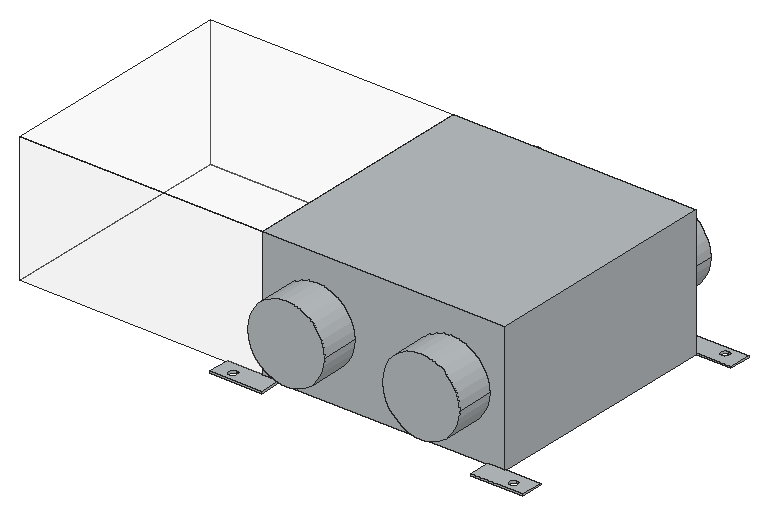
Revit family "bfs-30_80wsu2_60Hz", category 機械設備, Revit 2019
Family settings
  丸型コネクタ寸法 = 直径を使用
  パーツ タイプ = 割り込み
  OmniClass 番号 = 23.75.35.17.27
  OmniClass タイトル = Centrifugal Fans
  作業面ベース = いいえ
  常に垂直 = はい
  ロード時にボイドで切り取り = いいえ
  共有 = いいえ
  部屋計算ポイント = はい
Parameters (values of type "BFS-30WSU2")
  騒音レベル(dB(A))_吸込 = 32.5
  騒音レベル(dB(A))_吐出 = 35
  騒音レベル(dB(A))_側面 = 28
  騒音レベル(dB(A)) = 35
  風量 [instance] = 設計風量  # 0.0 m³/h
  電源種別 [instance] = "一般"
  電圧 = 100 V
  電動機出力 = 30 W
  電動機_種別 [instance] = ""
  運転質量 = 0.00 kg
  連動 [instance] = ""
  質量 = if(製品質量 > 運転質量, 製品質量, 運転質量) * 1.2  # 18.60 kg
  負荷分類 = 3_ファン類
  説明 = "ストレートシロッコファン同時給排気タイプ消音形"
  設計風量 [instance] = 0.0 m³/h
  設置方法 = "天吊"
  記号 [instance] = ""
  製造元 = "三菱電機株式会社"
  製品質量 = 15.50 kg
  製品出荷対象 = "国内"
  製品リリース年月 = "2022年6月1日"
  製品グループ = ""
  系統 [instance] = ""
  符号 [instance] = if(☑給気／□排気, "FS", "FE")  # "FE"
  積算_科目 = "2 換気設備"
  積算_拾い区分 [instance] = ""
  相 = 1
  盤記号 [instance] = ""
  盤工事区分 = "電気工事"
  発停方法 [instance] = "別売スイッチ"
  番手 = "#1"
  特殊仕様 [instance] = ""
  火災停止 = ""
  消費電力 = 84 W
  法定耐用年数 = "15"
  機外静圧 [instance] = 0.0 Pa
  極数 = 2
  極 = 4
  材質 [instance] = ""
  本体マテリアル = 溶融亜鉛めっき鋼板
  操作・制御方式 = ""
  操作・制御スイッチ = ""
  排気量 [instance] = if(☑給気／□排気, 0.0 m³/h, 設計風量)  # 0.0 m³/h
  形式 = ""
  形名 = BFS-WSU : BFS-30WSU
  幹線記号 [instance] = ""
  対象室 [instance] = ""
  実風量 = 0.0 m³/h
  始動方式 [instance] = "直入"
  外気量 [instance] = if(☑給気／□排気, 設計風量, 0.0 m³/h)  # 0.0 m³/h
  呼称 = "消音ボックス付送風機"
  周波数 = 60 Hz
  天吊金具ピッチ幅 = 520 mm
  天吊金具ピッチ奥行 = 490 mm
  参照している仕様書等のバージョン = ""
  分類コード = "50052502100020"
  分類グループ = ""
  価格 = 146000
  企業コード = "108420"
  付属品_防振装置 = ""
  付属品 [instance] = ""
  仕様書バージョン = "Version1.0"
  モデル = "BFS-30WSU2"
  ファンの種類 = "多翼形"
  ダクト径 = 150 mm
  サービススペース = yes
  コメント [instance] = ""
  Keynote = ""
  ☑給気／□排気 [instance] = no
  Width = 448 mm
  Version = ""
  Uniclass2015Version = "Systems v1.9"
  Uniclass2015Title = "Centrifugal fans"
  Uniclass2015Code = "Pr_65_67_29_12"
  URL = "https://www.mitsubishielectric.co.jp/ldg/wink/ssl/displayProduct.do?pid=319100"
  SpecificationReference = ""
  SpecificationDescription = ""
  Revision = ""
  ProductInformation = ""
  OmniClassCode = "23-33 31 19 13 15"
  MIN風量 = 182.0 m³/h
  MIN静圧 = 15.0 Pa
  MID風量 = 0.0 m³/h
  MID静圧 = 0.0 Pa
  MAX風量 = 300.0 m³/h
  MAX静圧 = 39.0 Pa
  M = 70 mm
  IfcTypeProduct = ""
  IfcProduct = ""
  IfcExportType = "CENTRIFUGALFORWARDCURVED"
  IfcExportAs = "IfcFanType"
  Height = 240 mm
  Depth = 442 mm
  Clearance Top = 0 mm  # constant formula
  Clearance Right = 0 mm  # constant formula
  Clearance Left = 450 mm  # constant formula
  Clearance Front = 0 mm  # constant formula
  Clearance Bottom = 0 mm  # constant formula
  Clearance Back = 0 mm  # constant formula
  Author = "三菱電機株式会社"
Types (3, lengths in mm): name | 騒音レベル(dB(A))_吸込 | 騒音レベル(dB(A))_吐出 | 騒音レベル(dB(A))_側面 | 騒音レベル(dB(A)) | 電動機出力 | 質量 | 製品質量 | 番手 | 消費電力 | 形名 | 天吊金具ピッチ幅 | 天吊金具ピッチ奥行 | 価格 | モデル | ダクト径 | Width | URL | MIN風量 | MIN静圧 | MAX風量 | MAX静圧 | M | Height | Depth
  BFS-30WSU2 | 32.5 | 35 | 28 | 35 | 30 W | 18.60 kg | 15.50 kg | "#1" | 84 W | BFS-WSU : BFS-30WSU | 520 | 490 | 146000 | "BFS-30WSU2" | 150 | 448 | "https://www.mitsubishielectric.co.jp/ldg/wink/ssl/displayProduct.do?pid=319100" | 182.0 m³/h | 15.0 Pa | 300.0 m³/h | 39.0 Pa | 70 | 240 | 442
  BFS-50WSU2 | 35.5 | 39 | 32.5 | 39 | 90 W | 36.00 kg | 30.00 kg | "#1 1/4" | 204 W | BFS-WSU : BFS-50WSU | 720 | 570 | 245000 | "BFS-50WSU2" | 200 | 649 | "https://www.mitsubishielectric.co.jp/ldg/wink/ssl/displayProduct.do?pid=319115" | 380.0 m³/h | 98.0 Pa | 500.0 m³/h | 157.0 Pa | 85 | 270 | 522
  BFS-80WSU2 | 36 | 42 | 36.5 | 42 | 200 W | 51.60 kg | 43.00 kg | "#1 1/4" | 316 W | BFS-WSU : BFS-80WSU | 850 | 645 | 320000 | "BFS-80WSU2" | 200 | 779 | "https://www.mitsubishielectric.co.jp/ldg/wink/ssl/displayProduct.do?pid=318808" | 596.0 m³/h | 84.0 Pa | 800.0 m³/h | 157.0 Pa | 85 | 320 | 597
Reference planes
  plane 1 "中心(正面/背面)": y = 0
  plane 2: z = 0
  plane 3 "中心(左/右)": x = 0
  plane 4 "4": x = 0
  plane 5 "3": x = 0
  plane 6 "左": x = -224
  plane 7 "右": x = 224
  plane 8 "背面": y = 221
  plane 9 "正面": y = -221
  plane 10: z = 120
  plane 11: y = 245
  plane 12: y = -245
  plane 13: x = 260
  plane 14: x = -260
  plane 15: z = -120
  plane 16: y = 221
  plane 17: y = -221
  plane 18: x = 224
  plane 19: x = -674
  plane 20: z = 120
  plane 21: z = -120
Lines and regions (mm)
  Masking region 1, detail levels coarse+medium
    outline origin (-422.444, -815.736, 0) x (1, 0, 0) y (0, 1, 0)
      loop
        line (198.444, 594.736) -> (646.444, 594.736) -> (646.444, 1036.736) -> (198.444, 1036.736) -> (198.444, 594.736)
  symbolic lines, detail levels coarse+medium
    curve 1: line (-224, 221, 0) -> (224, 0, 0)
    curve 2: line (224, 0, 0) -> (-224, -221, 0)
Dimensions and locks
  equal spacing: plane 6 "左", plane 5 "3", plane 7 "右"
  "Width": plane 6 "左" to plane 7 "右"
  equal spacing: plane 9 "正面", plane 1 "中心(正面/背面)", plane 8 "背面"
  "Depth": plane 9 "正面" to plane 8 "背面"
  equal spacing: plane 10, level, plane 15
  "Height": plane 10 to plane 15
  equal spacing: plane 12, plane 1 "中心(正面/背面)", plane 11
  "天吊金具ピッチ奥行": plane 12 to plane 11
  equal spacing: plane 14, plane 5 "3", plane 13
  "天吊金具ピッチ幅": plane 14 to plane 13
  "Clearance Back": plane 8 "背面" to plane 16
  "Clearance Front": plane 17 to plane 9 "正面"
  "Clearance Left": plane 19 to plane 6 "左"
  "Clearance Right": plane 7 "右" to plane 18
  "Clearance Top": plane 20 to plane 10
  "Clearance Bottom": plane 15 to plane 21
  aligned and locked: level to plane 2
  aligned and locked: nested 1 to plane 11
  aligned and locked: plane 12 to nested 1
  aligned and locked: plane 14 to nested 1
  aligned and locked: plane 13 to nested 1
  aligned and locked: plane 10 to nested 2
  aligned and locked: plane 19 to nested 3
  aligned and locked: plane 17 to nested 3
  aligned and locked: plane 20 to nested 3
  aligned and locked: plane 21 to nested 3
  aligned and locked: plane 16 to nested 3
  aligned and locked: plane 6 "左" to nested 3
  aligned and locked: plane 1 "中心(正面/背面)" to nested 2
  aligned and locked: nested 2 to plane 5 "3"
  aligned and locked: plane 7 "右" to Masking region 1
  aligned and locked: Masking region 1 to plane 6 "左"
  aligned and locked: Masking region 1 to plane 8 "背面"
  aligned and locked: plane 9 "正面" to Masking region 1
Automatic sketch dimensions
  Masking region 1 sketch curve to plane 1 "中心(正面/背面)" = 221 mm
  plane 14 to Masking region 1 sketch curve = 36 mm
  plane 3 "中心(左/右)" to Masking region 1 sketch curve = 224 mm
  Masking region 1 sketch curve to plane 12 = 24 mm
  curve 2 to plane 6 "左" = 0 mm
  curve 1 to plane 6 "左" = 0 mm
  plane 1 "中心(正面/背面)" to curve 2 = 0 mm
  curve 1 to plane 7 "右" = 0 mm
  plane 9 "正面" to curve 2 = 0 mm
  plane 8 "背面" to curve 1 = 0 mm
Nested families
  nested 1: "固定点" at (-260, -245, 0), type "固定点"
    with W 520 mm, D 490 mm, 中心円 15 mm
  nested 2: "BFS-WSU" at (0, 0, -120) x (0, -1, 0) z (0, 0, 1), type <- "形名", type "BFS-30WSU"
  nested 3: "サービススペース" at (-449, 0, 0), visible <- "サービススペース", type "サービススペース"
    with Width 450 mm, Height 240 mm, Depth 442 mm
Connectors
  hvac at (-125, -291, 0), driven by "ダクト径", driven by "機外静圧", driven by "風量"
    settings: on nested 2, index 2, duct flow 0.0 m³/h, flow factor 0, pres drop 0.0 Pa, loss coef 0, conn angle 0.00°, conn width 304.8 mm, conn height 304.8 mm, conn diameter 150 mm, duct sys type 29, conn prof type 0, flow config 0, flow direction 2, loss method 4, conn ref index -1, conn util no, is conn primary yes, conn desc "Out"
  hvac at (125, -291, 0), driven by "ダクト径", driven by "機外静圧", driven by "風量"
    settings: on nested 2, index 3, duct flow 0.0 m³/h, flow factor 0, pres drop 0.0 Pa, loss coef 0, conn angle 0.00°, conn width 304.8 mm, conn height 304.8 mm, conn diameter 150 mm, duct sys type 29, conn prof type 0, flow config 0, flow direction 1, loss method 4, conn ref index -1, conn util no, is conn primary no, conn desc "In"
  hvac at (125, 291, 0), driven by "ダクト径", driven by "機外静圧", driven by "風量"
    settings: on nested 2, index 4, duct flow 0.0 m³/h, flow factor 0, pres drop 0.0 Pa, loss coef 0, conn angle 0.00°, conn width 304.8 mm, conn height 304.8 mm, conn diameter 150 mm, duct sys type 29, conn prof type 0, flow config 0, flow direction 2, loss method 4, conn ref index -1, conn util no, is conn primary no, conn desc "Out"
  hvac at (-125, 291, 0), driven by "ダクト径", driven by "機外静圧", driven by "風量"
    settings: on nested 2, index 5, duct flow 0.0 m³/h, flow factor 0, pres drop 0.0 Pa, loss coef 0, conn angle 0.00°, conn width 304.8 mm, conn height 304.8 mm, conn diameter 150 mm, duct sys type 29, conn prof type 0, flow config 0, flow direction 1, loss method 4, conn ref index -1, conn util no, is conn primary no, conn desc "In"
  electrical at (-224, 0, 0), driven by "極数", driven by "負荷分類", driven by "電圧", driven by "消費電力"
    settings: on nested 2, index 6, voltage 100 V, apparent load 84 VA, apparent load phase1 0 VA, apparent load phase2 0 VA, apparent load phase3 0 VA, power factor 1, load classification "3_ファン類", number of poles 2, system type 30, power factor state 1, is connector primary yes, connector utility no, sub classification motor no, connector description ""
Definition of nested family "BFS-WSU"
  Parameters (values of type "BFS-30WSU")
    吊りボルト-W2 = 0 mm
    吊りボルト-W1 = 490 mm
    吊りボルト-D2 = 580 mm
    吊りボルト-D1 = 520 mm
    マテリアル = none
    ダクト間 = 250 mm
    φ = 142 mm
    kb_z = 25 mm
    b = 234 mm
    a = 70 mm
    W = 442 mm
    H = 240 mm
    c = 200 mm
    D = 448 mm
  Types (3, lengths in mm): name | 吊りボルト-W1 | 吊りボルト-D2 | 吊りボルト-D1 | ダクト間 | φ | b | a | W | H | c | D
    BFS-30WSU | 490 | 580 | 520 | 250 | 142 | 234 | 70 | 442 | 240 | 200 | 448
    BFS-80WSU | 645 | 910 | 850 | 400 | 192 | 391 | 85 | 597 | 320 | 300 | 779
    BFS-50WSU | 570 | 780 | 720 | 311 | 192 | 291 | 85 | 522 | 270 | 200 | 649
  Reference planes
    plane 1 "中心(正面/背面)": y = 0
    plane 2: z = 0
    plane 3 "中心(左/右)": x = 0
    plane 4: y = 224
    plane 5: y = 260
    plane 6: y = 290
    plane 7: y = -224
    plane 8: y = -260
    plane 9: y = -290
    plane 10: x = -221
    plane 11: x = -224
    plane 12: x = 221
    plane 13: x = 224
    plane 14: z = 240
    plane 15: z = 600
    plane 16: z = 900
    plane 17: z = 1200
    plane 18: x = -213
    plane 19: x = 21
    plane 20: x = 291
    plane 21: x = -291
    plane 22: z = 120
    plane 23: y = -227
    plane 24: z = 125
    plane 25: z = 25
    plane 26: z = 3
    plane 27: y = 125
    plane 28: y = -125
    plane 29: x = -261
    plane 30: x = 261
    plane 31: x = -245
    plane 32: x = 245
    plane 33: z = 40
    plane 34: y = 194
    plane 35: y = -194
  Forms (mm)
    Extrusion 1, solid, material <- "マテリアル", detail levels fine
      sketch origin (0, 0, 0) x (1, 0, 0) y (0, 1, 0)
        loop
          line (-221, 224) -> (-221, -224) -> (221, -224) -> (221, 224) -> (-221, 224)
      from 0 to 240
    Extrusion 2, solid, material <- "マテリアル", detail levels fine
      sketch origin (0, 0, 0) x (0, 1, 0) y (0, 0, 1)
        loop
          circle (-125, 120) r 71
        loop
          circle (125, 120) r 71
      from -221 to -291
    Extrusion 3, solid, material <- "マテリアル", detail levels fine
      sketch origin (0, 0, 0) x (0, 1, 0) y (0, 0, -1)
        loop
          circle (-125, -120) r 71
        loop
          circle (125, -120) r 71
      from -221 to -291
    Extrusion 4, solid, material <- "マテリアル", detail levels fine
      sketch origin (0, 0, 0) x (1, 0, 0) y (0, 1, 0)
        loop
          line (-261, 290) -> (-261, 194) -> (-221, 194) -> (-221, 290) -> (-261, 290)
        loop
          circle (-245, 260) r 7.5
        loop
          line (261, 290) -> (221, 290) -> (221, 194) -> (261, 194) -> (261, 290)
        loop
          circle (245, 260) r 7.5
        loop
          line (-261, -290) -> (-221, -290) -> (-221, -194) -> (-261, -194) -> (-261, -290)
        loop
          circle (-245, -260) r 7.5
        loop
          line (261, -290) -> (261, -194) -> (221, -194) -> (221, -290) -> (261, -290)
        loop
          circle (245, -260) r 7.5
      from 0 to 3
  Dimensions and locks
    plane 11 to plane 13 = 448 mm
    "W": plane 10 to plane 12
    "吊りボルト-D2": plane 9 to plane 6
    "吊りボルト-D1": plane 8 to plane 5
    "D": plane 7 to plane 4
    equal spacing: plane 7, plane 1 "中心(正面/背面)", plane 4
    equal spacing: plane 10, plane 3 "中心(左/右)", plane 12
    "H": plane 14 to level
    locked: plane 12 to plane 13 at 3
    locked: plane 11 to plane 10 at 3
    equal spacing: plane 14, plane 22, level
    locked: plane 23 to plane 7 at 3
    "a": plane 21 to plane 10
    "a": plane 12 to plane 20
    "c": plane 12 to plane 19
    "b": plane 19 to plane 18
    locked: plane 24 to plane 25 at 100
    "kb_z": plane 25 to level
    equal spacing: plane 8, plane 1 "中心(正面/背面)", plane 5
    equal spacing: plane 9, plane 1 "中心(正面/背面)", plane 6
    locked: plane 26 to level at 3
    equal spacing: plane 28, plane 1 "中心(正面/背面)", plane 27
    "ダクト間": plane 28 to plane 27
    locked: plane 12 to plane 30 at 40
    locked: plane 29 to plane 10 at 40
    equal spacing: plane 31, plane 3 "中心(左/右)", plane 32
    "吊りボルト-W1": plane 31 to plane 32
    locked: plane 33 to level at 40
    locked: plane 7 to plane 35 at 30
    locked: plane 34 to plane 4 at 30
    plane 29 to plane 30 = 522 mm
    plane 21 to plane 20 = 582 mm
    "φ": diameter of Extrusion 2 sketch curve  (x2)
    "φ": diameter of Extrusion 3 sketch curve  (x2)
    aligned and locked: level to plane 2
    aligned and locked: plane 4 to Extrusion 1 sketch curve
    aligned and locked: plane 10 to Extrusion 1 sketch curve
    aligned and locked: Extrusion 1 sketch curve to plane 7
    aligned and locked: Extrusion 1 sketch curve to plane 12
    aligned and locked: plane 14 to Extrusion 1
    aligned and locked: plane 22 to Extrusion 2 sketch curve  (x2)
    aligned and locked: Extrusion 2 to plane 21
    aligned and locked: plane 20 to Extrusion 3
    aligned and locked: plane 28 to Extrusion 3 sketch curve
    aligned and locked: plane 22 to Extrusion 3 sketch curve  (x2)
    aligned and locked: plane 28 to Extrusion 2 sketch curve
    aligned and locked: plane 27 to Extrusion 3 sketch curve
    aligned and locked: plane 27 to Extrusion 2 sketch curve
    aligned and locked: plane 6 to Extrusion 4 sketch curve
    aligned and locked: plane 29 to Extrusion 4 sketch curve
    aligned and locked: Extrusion 4 sketch curve to plane 34
    aligned and locked: Extrusion 4 sketch curve to plane 10
    aligned and locked: plane 5 to Extrusion 4 sketch curve  (x2)
    aligned and locked: plane 31 to Extrusion 4 sketch curve  (x2)
    aligned and locked: Extrusion 4 sketch curve to plane 6
    aligned and locked: plane 34 to Extrusion 4 sketch curve
    aligned and locked: plane 30 to Extrusion 4 sketch curve
    aligned and locked: Extrusion 4 sketch curve to plane 12
    aligned and locked: plane 32 to Extrusion 4 sketch curve  (x2)
    aligned and locked: plane 8 to Extrusion 4 sketch curve  (x2)
    aligned and locked: Extrusion 4 sketch curve to plane 9
    aligned and locked: plane 35 to Extrusion 4 sketch curve
    aligned and locked: Extrusion 4 sketch curve to plane 30
    aligned and locked: plane 12 to Extrusion 4 sketch curve
    aligned and locked: plane 9 to Extrusion 4 sketch curve
    aligned and locked: Extrusion 4 sketch curve to plane 35
    aligned and locked: Extrusion 4 sketch curve to plane 29
    aligned and locked: plane 10 to Extrusion 4 sketch curve
    aligned and locked: Extrusion 4 to level
    aligned and locked: plane 26 to Extrusion 4
    aligned and locked: Extrusion 3 to plane 12
    aligned and locked: plane 10 to Extrusion 2
    aligned and locked: Extrusion 3 to Extrusion 1
  Automatic sketch dimensions
    radius of Extrusion 4 sketch curve = 7.5 mm  (x4)
Definition of nested family "サービススペース"
  Parameters (values of type "サービススペース")
    Width [instance] = 500 mm
    Height [instance] = 500 mm
    Depth [instance] = 500 mm
  Reference planes
    plane 1 "中心(正面/背面)": y = 0
    plane 2: z = 0
    plane 3 "中心(左/右)": x = 0
    plane 4: y = -250
    plane 5: x = 250
    plane 6: y = 250
    plane 7: x = -250
    plane 8: z = 250
    plane 9: z = -250
  Forms (mm)
    Extrusion 1, solid
      sketch origin (-638.939, 0, 72.39) x (1, 0, 0) y (0, 1, 0)
        loop
          line (388.939, 250) -> (388.939, -250) -> (888.939, -250) -> (888.939, 250) -> (388.939, 250)
      from -322.39 to 177.61
  Lines and regions (mm)
    symbolic lines
      curve 1: line (-250, 0, 250) -> (250, 0, 250)
      curve 2: line (-250, 0, -250) -> (-250, 0, 250)
      curve 3: line (250, 0, -250) -> (-250, 0, -250)
      curve 4: line (250, 0, 250) -> (250, 0, -250)
      curve 5: line (0, -250, 250) -> (0, 250, 250)
      curve 6: line (0, -250, -250) -> (0, -250, 250)
      curve 7: line (0, 250, -250) -> (0, -250, -250)
      curve 8: line (0, 250, 250) -> (0, 250, -250)
      curve 9: line (-250, 250, 0) -> (250, 250, 0)
      curve 10: line (-250, -250, 0) -> (-250, 250, 0)
      curve 11: line (250, -250, 0) -> (-250, -250, 0)
      curve 12: line (250, 250, 0) -> (250, -250, 0)
  Dimensions and locks
    equal spacing: plane 7, plane 3 "中心(左/右)", plane 5
    equal spacing: plane 4, plane 1 "中心(正面/背面)", plane 6
    "Depth": plane 4 to plane 6
    "Width": plane 7 to plane 5
    equal spacing: plane 8, plane 2, plane 9
    "Height": plane 8 to plane 9
    aligned and locked: plane 9 to curve 3
    aligned and locked: plane 7 to curve 2
    aligned and locked: curve 4 to plane 5
    aligned and locked: plane 5 to Extrusion 1
    aligned and locked: Extrusion 1 to plane 7
    aligned and locked: Extrusion 1 to plane 9
    aligned and locked: plane 8 to Extrusion 1
    aligned and locked: plane 9 to curve 7
  Automatic sketch dimensions
    plane 4 to Extrusion 1 sketch curve = 0 mm
    Extrusion 1 sketch curve to plane 7 = 0 mm
    Extrusion 1 sketch curve to plane 5 = 0 mm
    plane 6 to Extrusion 1 sketch curve = 0 mm
    curve 2 to plane 8 = 0 mm
    plane 4 to curve 11 = 0 mm
    curve 11 to plane 7 = 0 mm
    curve 11 to plane 5 = 0 mm
    plane 6 to curve 10 = 0 mm
    curve 7 to plane 4 = 0 mm
    curve 7 to plane 6 = 0 mm
    curve 6 to plane 8 = 0 mm
Definition of nested family "固定点"
  Parameters (values of type "固定点")
    中心円 = 11 mm
    W [instance] = 1000 mm
    D [instance] = 1000 mm
  Reference planes
    plane 1 "中心(正面/背面)": y = 0
    plane 2: z = 0
    plane 3 "中心(左/右)": x = 0
    plane 4: x = 1000
    plane 5: y = 1000
  Lines and regions (mm)
    symbolic lines, detail levels fine
      curve 1: circle (0, 1000, 0) r 5.5 normal (0, 0, 1)
      curve 2: circle (0, 0, 0) r 5.5 normal (0, 0, 1)
      curve 3: circle (1000, 1000, 0) r 5.5 normal (0, 0, 1)
      curve 4: circle (1000, 0, 0) r 5.5 normal (0, 0, 1)
      curve 5: line (-200, 1000, 0) -> (1200, 1000, 0)
      curve 6: line (-200, 0, 0) -> (1200, 0, 0)
      curve 7: line (0, 1200, 0) -> (0, -200, 0)
      curve 8: line (1000, 1200, 0) -> (1000, -200, 0)
  Dimensions and locks
    "W": plane 3 "中心(左/右)" to plane 4
    "D": plane 1 "中心(正面/背面)" to plane 5
    "中心円": diameter of curve 1
    "中心円": diameter of curve 2
    "中心円": diameter of curve 3
    "中心円": diameter of curve 4
    aligned and locked: level to plane 2
    aligned and locked: plane 5 to curve 1
    aligned and locked: plane 3 "中心(左/右)" to curve 1
    aligned and locked: plane 3 "中心(左/右)" to curve 2
    aligned and locked: plane 1 "中心(正面/背面)" to curve 2
    aligned and locked: plane 4 to curve 3
    aligned and locked: plane 5 to curve 3
    aligned and locked: plane 1 "中心(正面/背面)" to curve 4
    aligned and locked: plane 4 to curve 4
    aligned and locked: plane 1 "中心(正面/背面)" to curve 6
    aligned and locked: curve 7 to plane 3 "中心(左/右)"
    aligned and locked: curve 8 to plane 4
  Automatic sketch dimensions
    curve 5 to plane 5 = 0 mm
    curve 6 to plane 3 "中心(左/右)" = 200 mm
    curve 5 to plane 3 "中心(左/右)" = 200 mm
    curve 4 to curve 6 = 200 mm
    curve 3 to curve 5 = 200 mm
    plane 1 "中心(正面/背面)" to curve 8 = 200 mm
    plane 1 "中心(正面/背面)" to curve 7 = 200 mm
    curve 3 to curve 8 = 200 mm
    curve 1 to curve 7 = 200 mm
